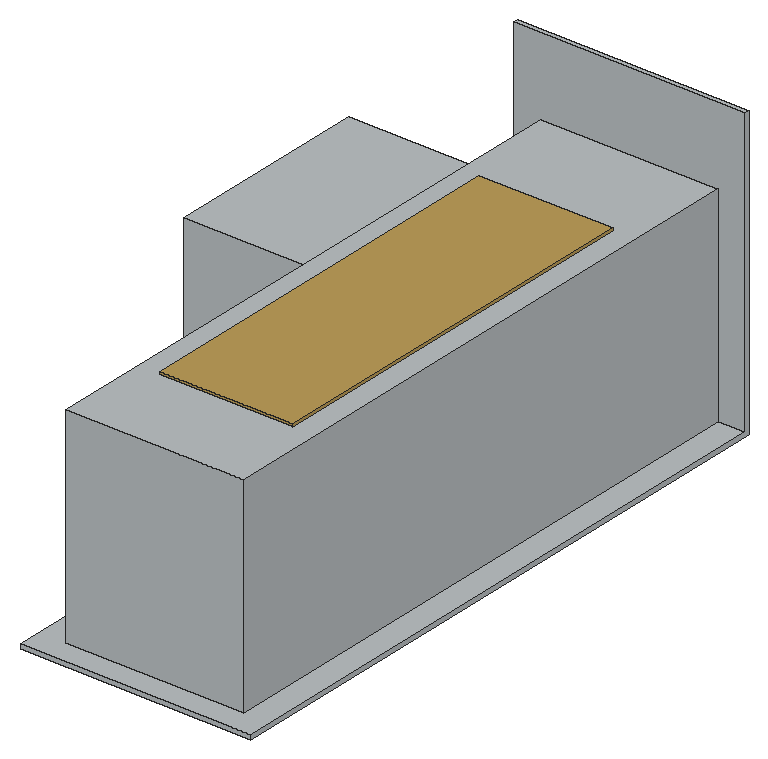
Revit family "Loading-Dock-Equipment_Restraint_McGuire", category Specialty Equipment, Revit 2026
Family settings
  Round Connector Dimension = Use Diameter
  Part Type = Normal
  Classification Number = 23.50.70.27
  Work Plane-Based = Yes
  Enable Cutting in Views = No
  Always vertical = No
  Cut with Voids When Loaded = No
  Maintain Annotation Orientation = No
  Shared = No
  Room Calculation Point = No
Parameters (values of type "as Specified")
  Warranty Duration (Years) = 0
  Unit Width = 1' - 1"
  Unit Height = 1' - 4 3/8"
  Unit Depth = 2' - 11"
  URL = "http://www.wbmcguire.com/"
  Standards Conformance = "as Specified"
  Standard Hook = yes
  Specification = ""
  SpecWizard = ""
  Send Message = ""
  Sales Information = "http://www.wbmcguire.com/Contact-Us"
  Product Properties = ""
  Product Data = "http://www.arcat.com/arcatcos/cos36/arc36404.html"
  Model = "As Specified"
  Manufacturer Website = "http://www.wbmcguire.com/"
  Manufacturer Phone - Toll Free = "800-624-8473"
  Manufacturer Phone = "262-257-7309"
  Manufacturer Fax = "262-255-4199"
  Manufacturer Address = "W194 N11481  McCormick Dr.   Germantown, WI 53022"
  Manufacturer = "McGuire"
  Maintenance Schedule (Months) = 0
  Keynote = "11160"
  Installation_Fabricaton = ""
  Installation Phase = ""
  Green Building-LEED = "http://www.arcat.com/green/clients/leed_data_36404.html"
  Expected Lifespan (Years) = 0
  Panel Material = Metal - McGuire - Zinc Coated Steel
  Drawn By = "Sumex Design, Inc. / Robert S. Weygant. CSI, CDT, SCIP"
  Description = "McGuire Loading Dock Product as Specified"
  Default Elevation = 0' - 0"
  Copyright = "©Arcat Inc."
  Construction Details = ""
  Capacity = "as Specified"
  Available Options [instance] = "as Specified"
  Assembly Code = "E1030300"
  Arm Finish = Metal - McGuire - Arm Coating
Reference planes (in)
  plane 1 "Center (Front/Back)": y = -25.67379
  plane 2: z = 0
  plane 3 "Center": x = 909.25628
  plane 4 "Left": x = 915.75628
  plane 5 "Right": x = 902.75628
  plane 6 "Front": z = 16.375
  plane 7: y = -8.17379
  plane 8: y = -43.17379
Forms (in)
  Extrusion 1, solid, material "Metal - McGuire - Zinc Coated Steel" <- "Panel Material"
    sketch origin (902.75628, 0, 0) x (0, -1, 0) y (0, 0, 1)
      loop
        line (43.17379, 0) -> (43.17379, 0.25) -> (8.42379, 0.25) -> (8.42379, 16.375) -> (8.17379, 16.375) -> (8.17379, 0) -> (43.17379, 0)
    from -13 to 0
  Extrusion 2, solid, material "Metal - McGuire - Arm Coating" <- "Arm Finish", visible <- "Standard Hook"
    sketch origin (909.25628, 0, 0) x (0, 1, 0) y (0, 0, 1)
      loop
        line (-36.73032, 12.125) -> (-36.73032, 10.75) -> (-14.23032, 10.75) -> (-14.23032, 12.125) -> (-36.73032, 12.125)
    from -3.80617 to 3.69787
  Extrusion 3, solid, material "Metal - McGuire - Zinc Coated Steel" <- "Panel Material"
    sketch origin (0, -25.67379, 0) x (1, 0, 0) y (0, 0, 1)
      loop
        line (904.25628, 12) -> (904.25628, 0.25) -> (914.25628, 0.25) -> (914.25628, 12) -> (904.25628, 12)
    from -17.25 to 16.14604
  Extrusion 4, solid, material "Metal - McGuire - Zinc Coated Steel" <- "Panel Material"
    sketch origin (902.75628, 0, 0) x (0, -1, 0) y (0, 0, 1)
      loop
        line (12.65232, 11.35763) -> (9.00067, 7.70598) -> (9.00067, 0.58098) -> (24.25067, 0.58098) -> (24.25067, 11.35763) -> (12.65232, 11.35763)
    from -1.5 to 5.94312
Dimensions and locks (in)
  equal spacing: plane 7, plane 1 "Center (Front/Back)", plane 8
  "Unit Depth": plane 7 to plane 8
  "Unit Height": plane 6 "Front" to level
  equal spacing: plane 5 "Right", plane 3 "Center", plane 4 "Left"
  "Unit Width": plane 5 "Right" to plane 4 "Left"
Automatic sketch dimensions
  Extrusion 1 sketch curve to plane 6 "Front" = 0' - 0"
  level to Extrusion 1 sketch curve = 0' - 0"
  Extrusion 1 sketch curve to plane 7 = 0' - 0"
  Extrusion 1 sketch curve to plane 8 = 0' - 0"
  Extrusion 1 sketch curve to plane 7 = 0' - 0 1/4"
  Extrusion 1 sketch curve to level = 0' - 0 1/4"
  plane 4 "Left" to Extrusion 3 sketch curve = 0' - 1 1/2"
  Extrusion 3 sketch curve to level = 0' - 0 1/4"
  Extrusion 3 sketch curve to plane 5 "Right" = 0' - 1 1/2"
  Extrusion 3 sketch curve to plane 6 "Front" = 0' - 4 3/8"
  plane 8 to Extrusion 2 sketch curve = 0' - 6.44346"
  Extrusion 2 sketch curve to plane 7 = 0' - 6.05654"
  Extrusion 2 sketch curve to plane 6 "Front" = 0' - 5 5/8"
  Extrusion 2 sketch curve to Extrusion 2 sketch curve = 0' - 1 3/8"
  Extrusion 4 sketch curve to plane 7 = 0' - 0.82688"
  Extrusion 4 sketch curve to plane 1 "Center (Front/Back)" = 0' - 1.42312"
  Extrusion 4 sketch curve to level = 0' - 0.58098"
  Extrusion 4 sketch curve to Extrusion 4 sketch curve = 0' - 3.65165"  (x2)
  Extrusion 4 sketch curve to plane 6 "Front" = 0' - 5.01737"
